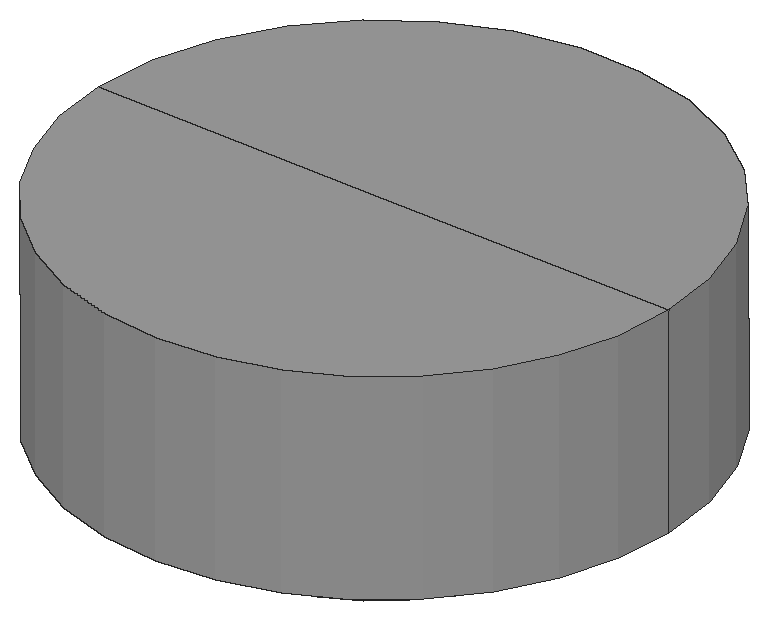
Revit family "Ceiling Light - Flat Round", category Lighting Fixtures, host Face, Revit 2027
Family settings
  Host = Face
  Round Connector Dimension = Use Diameter
  Part Type = Normal
  Classification Number = 23.80.70.11.11
  Cut with Voids When Loaded = No
  Light Source = Yes
  Maintain Annotation Orientation = No
  Shared = No
  Room Calculation Point = No
Parameters (values of type "60W - 120V pendant on stem (vault) - PLACEHOLDER")
  Wattage = 60 W
  built-in parameter 1150110 = 1 (stored number, unit not read)
  Type Comments = "P-18: pendant on stem; canopy on vault/roof underside; stem length per instance Comments."
  built-in parameter 1150109 = 1 (stored number, unit not read)
  built-in parameter 1150134 = 4
  built-in parameter 1150113 = 1 (stored number, unit not read)
  Tilt Angle = -90.00°
  Stem length [instance] = 0' - 11.81102"
  Stem canopy start [instance] = Stem length - 0' 0.98425"  # 0' - 10.82677"
  Show stem [instance] = no
  built-in parameter 1150115 = 1 (stored number, unit not read)
  built-in parameter 1150105 = 68.039 (stored number, unit not read)
  Load Classification = Lighting - Dwelling Unit
  built-in parameter 1150137 = 1
  built-in parameter 1150139 = (empty or 0)
  Light Box Material = Metal - Paint Finish - Dark Gray, Matte
  built-in parameter 1150112 = 1 (stored number, unit not read)
  built-in parameter 1150114 = 1 (stored number, unit not read)
  built-in parameter 1150132 = (empty or 0)
  built-in parameter 1150102 = (empty or 0)
  built-in parameter 1150138 = (empty or 0)
  built-in parameter 1150107 = 2800 (stored number, unit not read)
  built-in parameter 1150106 = 0.68039 (stored number, unit not read)
  Emit from Circle Diameter = 0' - 10"
  Emit Shape Visible in Rendering = no
  built-in parameter 1150104 = 1.3239 (stored number, unit not read)
  Dimming Lamp Color Temperature Shift = <None>
  Diffuser Material = Glass - White, High Luminance
  Lumens = 855 lm
  built-in parameter 1114217 = 1 (stored number, unit not read)
  Lamp = "A-19"
  Photometric Web File = "CLFR1A19.ies"
  Default Elevation = 4' - 0"
  Color Filter = 16777215
  built-in parameter 1140040 [instance] = 1
  Ballast Voltage = 120 V
  Ballast Number of Poles = 1
  built-in parameter 1114218 = 1 (stored number, unit not read)
  built-in parameter 1150133 = 10 (stored number, unit not read)
  Assembly Code = "D5020220"
  Apparent Power = 60 VA
Types (2): name
  60W - 120V
  60W - 120V pendant on stem (vault) - PLACEHOLDER
Reference planes (in)
  plane 1 "Center (Front/Back)": y = 0
  plane 2: z = 0
  plane 3 "Center (Left/Right)": x = 0
  plane 4: z = 1
  plane 5: z = 4.5
  plane 6: x = -5
  plane 7: x = -4.875
  plane 8: z = 4.375
  plane 9: x = -3
  plane 10: x = -2.875
  plane 11: z = 1.125
Forms (in)
  Revolve 1, solid, material "Glass - White, High Luminance" <- "Diffuser Material"
    sketch origin (0, 0, 0) x (1, 0, 0) y (0, 0, 1)
      loop
        line (0, 4.5) -> (-5, 4.5) -> (-5, 1) -> (-3, 1) -> (-3, 0) -> (-2.875, 0) -> (-2.875, 1.125) -> (-4.875, 1.125) -> (-4.875, 4.375) -> (0, 4.375) -> (0, 4.5)
      axis (0, 4.5) -> (0, 0)
    angle from 0 to 360
  Extrusion 2, solid, material "Metal - Paint Finish - Dark Gray, Matte" <- "Light Box Material"
    sketch origin (0, 0, 0) x (1, 0, 0) y (0, 1, 0)
      loop
        circle (0, 0) r 3.25
      loop
        circle (0, 0) r 3
    from 0 to 1
  Extrusion 3, solid, visible <- "Show stem"
    sketch origin (0, 0, 0) x (0, 1, 0) y (1, 0, 0)
      loop
        circle (0, 0) r 0.23622
    from 0 to 11.81102 <- "Stem length"
  Extrusion 4, solid, visible <- "Show stem"
    sketch origin (0, 0, 0) x (0, 1, 0) y (1, 0, 0)
      loop
        circle (0, 0) r 1.9685
    from 10.82677 <- "Stem canopy start" to 11.81102 <- "Stem length"
Dimensions and locks (in)
  locked: plane 4 to plane 2 at 1
  locked: plane 5 to plane 4 at 3.5
  locked: plane 3 "Center (Left/Right)" to plane 6 at 5
  locked: plane 7 to plane 6 at 0.125
  locked: plane 3 "Center (Left/Right)" to plane 9 at 3
  locked: plane 10 to plane 9 at 0.125
  locked: plane 5 to plane 8 at 0.125
  locked: plane 11 to plane 4 at 0.125
  radius of Extrusion 2 sketch curve = 0' - 3"
  radius of Extrusion 2 sketch curve = 0' - 3 1/4"
  aligned and locked: plane 2 to host face
  aligned and locked: level to host face
  aligned and locked: plane 3 "Center (Left/Right)" to imposter light
  aligned and locked: plane 1 "Center (Front/Back)" to imposter light
  aligned and locked: plane 1 "Center (Front/Back)" to Extrusion 2 sketch curve  (x2)
  aligned and locked: plane 3 "Center (Left/Right)" to Extrusion 2 sketch curve  (x2)
  aligned and locked: plane 4 to Extrusion 2
  aligned and locked: Extrusion 2 to plane 2
  aligned and locked: Revolve 1 to plane 5
  aligned and locked: Revolve 1 to plane 2
  aligned and locked: plane 5 to imposter light
Connectors (in)
  electrical at (0, 0, 4.5), driven by "Ballast Voltage", driven by "Ballast Number of Poles", driven by "Apparent Power", driven by "Load Classification"
    settings: on Revolve 1, index 1, voltage 120 V, apparent load 0 VA, apparent load phase1 60 VA, apparent load phase2 0 VA, apparent load phase3 0 VA, power factor 0.95, load classification "Lighting - Dwelling Unit", number of poles 1, system type 31, power factor state 1, is connector primary yes, connector utility no, sub classification motor no, connector description ""
